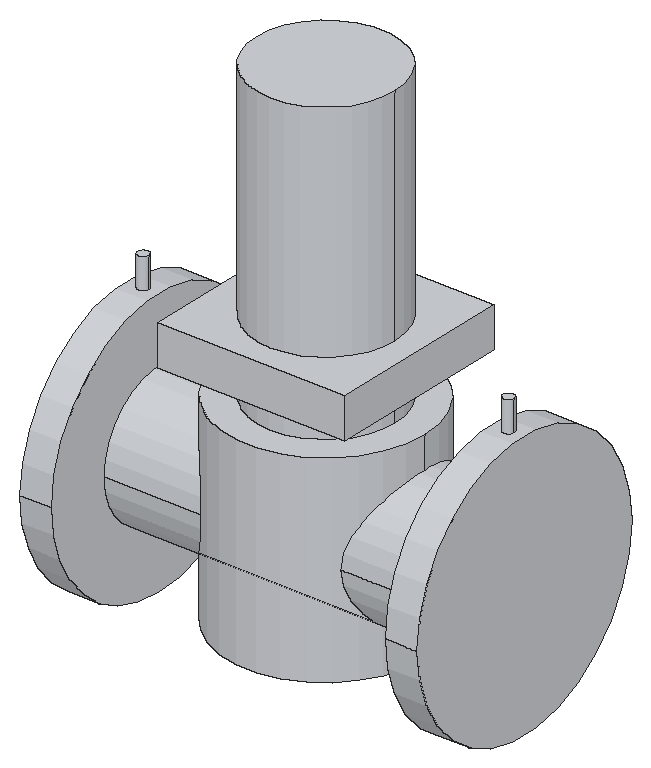
Revit family "PV_Compact_PN25_DN125_(90-350kPa)_RFA_2019", category Pipe Accessories, Revit 2019
Family settings
  Round Connector Dimension = Use Diameter
  Part Type = Valve - Breaks Into
  Work Plane-Based = No
  Always vertical = Yes
  Cut with Voids When Loaded = No
  Shared = No
Parameters (values of type "PV Compact PN25 DN125 (90-350kPa)")
  magiProductId = "828af78972b74e11b5ab1c4abc9b81"
  magiProductFamilyId = "9e0837c0ac1a48c1a74a343bd519c1"
  magiPartTypeId = 304
  isMeasuringValve [instance] = no
  ang2D [instance] = 0.00°
  W2D = 125 mm
  VersionID = "2.0/2018.12.13.2/FRESE_PV_COMPACT_BIG_Q13_001"
  Use Minimum Symbol Size [instance] = no
  URL = "www.hydronic.cz"
  Type Comments = "PŘÍRUBOVÝ; PN25; dpmax=1000kPa; -10~+120°C"
  R4 = 70 mm
  R3 = 70.2 mm
  R1 = 100 mm
  QmdConnectorList = "301;D;302;D"
  Productdata [instance] = ""
  Manufacturer = "Hydronic Systems Prague s.r.o."
  Maintenance Zone Under Depth [instance] = 100 mm
  Maintenance Zone Right Depth [instance] = 100 mm
  Maintenance Zone Over Depth [instance] = 100 mm
  Maintenance Zone Left Depth [instance] = 100 mm
  Maintenance Zone Front Depth [instance] = 100 mm
  Maintenance Zone Back Depth [instance] = 100 mm
  Maintenance Zone Front Visibility [instance] = no
  MC Use Limits From Balancing Method = no
  MC Throttling Minimum Value = 0
  MC Throttling Maximum Value = 0
  MC Product Code = "53-3333 DN125 PN25; nastavitelný rozsah dp=20~100kPa; Q=40,3~161 m3/h;  kvs=170"
  MC Pressure Drop Minimum Value = 0.0 Pa
  MC Pressure Drop Maximum Value = 0.0 Pa
  MC Piping Given Pressure Drop [instance] = 0.0 Pa
  LF__ve = -LF  # -32 mm
  LF2 = 16 mm
  LF = 32 mm
  L4 = 188 mm
  L3 = 336 mm
  L2D_Min = 30.48 mm
  L2D = 400 mm
  L2 = 200 mm
  H6 = 225.5 mm
  H4 = 40.5 mm
  H3 = 33.75 mm
  H2 = 101.25 mm
  H1 = 202.5 mm
  Description = "Nastavitelný regulátor diferenčního tlaku"
  DF2 = 135 mm
  D = 125 mm
  Clearance Zone Height Depth [instance] = 100 mm
  Clearance Zone Circular Radius [instance] = 200 mm
  Clearance Zone Visibility [instance] = no
  CAT0 = yes
Types (3, lengths in mm): name | magiProductId | Type Comments | R4 | R3 | R1 | MC Product Code | LF__ve | LF2 | LF | L4 | L3 | L2 | H6 | H4 | H3 | H2 | H1 | DF2 | D | Clearance Zone Circular Radius
  PV Compact PN25 DN125 (90-350kPa) | "828af78972b74e11b5ab1c4abc9b81" | "PŘÍRUBOVÝ; PN25; dpmax=1000kPa; -10~+120°C" | 70 | 70.2 | 100 | "53-3333 DN125 PN25; nastavitelný rozsah dp=20~100kPa; Q=40,3~161 m3/h;  kvs=170" | -32 | 16 | 32 | 188 | 336 | 200 | 225.5 | 40.5 | 33.75 | 101.25 | 202.5 | 135 | 125 | 200
  PV Compact PN25 DN150 (90-350kPa) | "3c848b5675884766961bbc36692fc4" | "PŘÍRUBOVÝ; PN25; dpmax=1000kPa; -10~+110°C" | 84 | 74.1 | 120 | "53-3336 DN150 PN25; nastavitelný rozsah dp=20~100kPa; Q=59,3~123 m3/h;  kvs=250" | -38.4 | 19.2 | 38.4 | 225.6 | 403.2 | 240 | 256.25 | 42.75 | 35.625 | 106.875 | 213.75 | 142.5 | 150 | 240
  PV Compact PN25 DN200 (90-350kPa) | "91c75d4260f940c99372a7e9d4703c" | "PŘÍRUBOVÝ; PN25; dpmax=1000kPa; -10~+110°C" | 105 | 98.8 | 150 | "53-3339 DN200 PN25; nastavitelný rozsah dp=20~100kPa; Q=65,2~261 m3/h;  kvs=275" | -48 | 24 | 48 | 282 | 504 | 300 | 150 | 57 | 47.5 | 142.5 | 285 | 190 | 200 | 300
Reference planes
  plane 1 "Center (Front/Back)": y = 0
  plane 2 "XYPLANE": z = 0
  plane 3 "Center (Left/Right)": x = 0
  plane 4 "257": y = -135
  plane 5 "256": y = 135
  plane 6 "255": z = -135
  plane 7 "254": y = -235
  plane 8 "253": y = 235
  plane 9 "252": x = -300
  plane 10 "251": x = 300
  plane 11 "250": z = 501
  plane 12 "249": z = -235
  plane 13 "248": z = 501
  plane 14 "247": z = 401
  plane 15 "157": x = 184
  plane 16 "156": x = -184
  plane 17 "155": z = 135
  plane 18 "154": z = 175.5
  plane 19 "153": z = 135
  plane 20 "152": z = 101.25
  plane 21 "151": x = -168
  plane 22 "150": z = -101.25
  plane 23 "149": x = 0
  plane 24 "148": y = 0
  plane 25 "147": z = 0
  plane 26 "146": x = -200
  plane 27 "145": x = 200
Forms (mm)
  Blend 1, solid, visible <- "Maintenance Zone Front Visibility"
    base sketch origin (-750, 0, -235) x (1, 0, 0) y (0, 1, 0)
      loop
        line (450, 235) -> (450, -235) -> (1050, -235) -> (1050, 235) -> (450, 235)
    top sketch origin (-750, 0, -235) x (1, 0, 0) y (0, 1, 0)
      loop
        line (450, 235) -> (450, -235) -> (1050, -235) -> (1050, 235) -> (450, 235)
    from 0 to 736
  Blend 2, solid, visible <- "Clearance Zone Visibility"
    base sketch origin (-750, 0, 0) x (1, 0, 0) y (0, 1, 0)
      loop
        circle (750, 0) r 200
    top sketch origin (-750, 0, 0) x (1, 0, 0) y (0, 1, 0)
      loop
        circle (750, 0) r 200
    from 0 to 501
  Extrusion 3, solid, visible <- "CAT0"
    sketch origin (-750, 0, 135) x (1, 0, 0) y (0, 1, 0)
      loop
        circle (934, 0) r 5.5
    from 0 to 30
  Extrusion 4, solid, visible <- "CAT0"
    sketch origin (-750, 0, 135) x (1, 0, 0) y (0, 1, 0)
      loop
        circle (566, 0) r 5.5
    from 0 to 30
  Extrusion 5, solid
    sketch origin (-750, 0, 175.5) x (1, 0, 0) y (0, 1, 0)
      loop
        circle (750, 0) r 70
    from 0 to 225.5 <- "H6"
  Extrusion 6, solid, visible <- "CAT0"
    sketch origin (-750, 0, 135) x (1, 0, 0) y (0, 1, 0)
      loop
        line (844, 94) -> (656, 94) -> (656, -94) -> (844, -94) -> (844, 94)
    from 0 to 40.5 <- "H4"
  Extrusion 7, solid, visible <- "CAT0"
    sketch origin (-750, 0, 101.25) x (1, 0, 0) y (0, 1, 0)
      loop
        circle (750, 0) r 70
    from 0 to 33.75 <- "H3"
  Extrusion 8, solid, visible <- "CAT0"
    sketch origin (-168, -750, 0) x (0, 1, 0) y (0, 0, 1)
      loop
        circle (750, 0) r 70.2
    from 0 to 336 <- "L3"
  Extrusion 9, solid, visible <- "CAT0"
    sketch origin (-750, 0, -101.25) x (1, 0, 0) y (0, 1, 0)
      loop
        circle (750, 0) r 100
    from 0 to 202.5 <- "H1"
  Extrusion 10, solid, visible <- "CAT0"
    sketch origin (-200, -750, 0) x (0, 1, 0) y (0, 0, 1)
      loop
        circle (750, 0) r 135
    from 0 to 32 <- "LF"
  Extrusion 11, solid, visible <- "CAT0"
    sketch origin (200, -750, 0) x (0, 1, 0) y (0, 0, 1)
      loop
        circle (750, 0) r 135
    from 0 to -32 <- "LF__ve"
  Extrusion 12, solid, not visible
    sketch origin (-200, -750, 0) x (0, 1, 0) y (0, 0, 1)
      loop
        circle (750, 0) r 10
    from 0 to 10
  Extrusion 13, solid, not visible
    sketch origin (200, -750, 0) x (0, 1, 0) y (0, 0, 1)
      loop
        circle (750, 0) r 10
    from 0 to -10
Lines and regions (mm)
  reference lines, not visible
    curve 1: circle (2, 2, 0) r 1 normal (0, 0, 1)
  reference lines
    curve 2: circle (0, 0, 135) r 1 normal (0, 0, 1)
Dimensions and locks
  plane 1 "Center (Front/Back)" to curve 1 = 2 mm
  "DF2": plane 24 "148" to plane 4 "257"
  "DF2": plane 24 "148" to plane 5 "256"
  "DF2": plane 25 "147" to plane 6 "255"
  "Maintenance Zone Front Depth": plane 4 "257" to plane 7 "254"
  "Maintenance Zone Back Depth": plane 5 "256" to plane 8 "253"
  "Maintenance Zone Left Depth": plane 26 "146" to plane 9 "252"
  "Maintenance Zone Right Depth": plane 27 "145" to plane 10 "251"
  "Maintenance Zone Over Depth": plane 14 "247" to plane 11 "250"
  "Maintenance Zone Under Depth": plane 6 "255" to plane 12 "249"
  "Clearance Zone Height Depth": plane 14 "247" to plane 13 "248"
  "H6": plane 18 "154" to plane 14 "247"
  "LF2": plane 27 "145" to plane 15 "157"
  "LF2": plane 26 "146" to plane 16 "156"
  "DF2": plane 2 "XYPLANE" to plane 17 "155"
  "H4": plane 19 "153" to plane 18 "154"
  "H3": plane 20 "152" to plane 19 "153"
  "H1": plane 22 "150" to plane 20 "152"
  "LF": plane 26 "146" to plane 21 "151"
  "H2": plane 2 "XYPLANE" to plane 22 "150"
  locked: plane 3 "Center (Left/Right)" to plane 23 "149"
  locked: plane 1 "Center (Front/Back)" to plane 24 "148"
  locked: plane 2 "XYPLANE" to plane 25 "147"
  "L2": plane 3 "Center (Left/Right)" to plane 26 "146"
  "L2": plane 3 "Center (Left/Right)" to plane 27 "145"
  Blend 1 sketch curve to Blend 1 sketch curve = 0 mm  (x16)
  equal spacing: Extrusion 6 sketch curve, curve 2, Extrusion 6 sketch curve  (x2)
  "L4": Extrusion 6 sketch curve to Extrusion 6 sketch curve  (x2)
  Extrusion 6 sketch curve to Extrusion 6 sketch curve = 0 mm  (x8)
  "Clearance Zone Circular Radius": radius of Blend 2 sketch curve  (x2)
  "R4": radius of Extrusion 5 sketch curve
  "R4": radius of Extrusion 7 sketch curve
  "R3": radius of Extrusion 8 sketch curve
  "R1": radius of Extrusion 9 sketch curve
  "DF2": radius of Extrusion 10 sketch curve
  "DF2": radius of Extrusion 11 sketch curve
  aligned and locked: level to plane 2 "XYPLANE"
  aligned and locked: Blend 1 sketch curve to plane 8 "253"  (x2)
  aligned and locked: plane 9 "252" to Blend 1 sketch curve  (x4)
  aligned and locked: plane 10 "251" to Blend 1 sketch curve  (x4)
  aligned and locked: plane 8 "253" to Blend 1 sketch curve  (x2)
  aligned and locked: plane 7 "254" to Blend 1 sketch curve  (x4)
  aligned and locked: plane 11 "250" to Blend 1
  aligned and locked: plane 23 "149" to Blend 2 sketch curve  (x2)
  aligned and locked: plane 24 "148" to Blend 2 sketch curve  (x2)
  aligned and locked: plane 13 "248" to Blend 2
  aligned and locked: plane 15 "157" to Extrusion 3 sketch curve
  aligned and locked: plane 24 "148" to Extrusion 3 sketch curve
  aligned and locked: plane 16 "156" to Extrusion 4 sketch curve
  aligned and locked: plane 24 "148" to Extrusion 4 sketch curve
  aligned and locked: plane 23 "149" to Extrusion 5 sketch curve
  aligned and locked: plane 24 "148" to Extrusion 5 sketch curve
  aligned and locked: plane 23 "149" to curve 2
  aligned and locked: plane 24 "148" to curve 2
  aligned and locked: plane 23 "149" to Extrusion 7 sketch curve
  aligned and locked: plane 24 "148" to Extrusion 7 sketch curve
  aligned and locked: Extrusion 8 sketch curve to plane 24 "148"
  aligned and locked: plane 25 "147" to Extrusion 8 sketch curve
  aligned and locked: plane 23 "149" to Extrusion 9 sketch curve
  aligned and locked: plane 24 "148" to Extrusion 9 sketch curve
  aligned and locked: Extrusion 10 sketch curve to plane 24 "148"
  aligned and locked: plane 25 "147" to Extrusion 10 sketch curve
  aligned and locked: Extrusion 11 sketch curve to plane 24 "148"
  aligned and locked: plane 25 "147" to Extrusion 11 sketch curve
  aligned and locked: Extrusion 12 sketch curve to plane 24 "148"
  aligned and locked: plane 25 "147" to Extrusion 12 sketch curve
  aligned and locked: Extrusion 13 sketch curve to plane 24 "148"
  aligned and locked: plane 25 "147" to Extrusion 13 sketch curve
Automatic sketch dimensions
  Extrusion 3 sketch curve to Extrusion 3 sketch curve = 5.5 mm
  Extrusion 4 sketch curve to Extrusion 4 sketch curve = 5.5 mm
  plane 1 "Center (Front/Back)" to Extrusion 12 sketch curve = 10 mm
  plane 1 "Center (Front/Back)" to Extrusion 13 sketch curve = 10 mm
  plane 3 "Center (Left/Right)" to curve 1 = 2 mm
  plane 21 "151" to Extrusion 6 sketch curve = 74 mm
  plane 4 "257" to Extrusion 6 sketch curve = 41 mm
  radius of curve 2 = 1 mm
  radius of curve 1 = 1 mm
Connectors
  piping at (-200, 0, 0), diameter 125, driven by "D"
    settings: on Extrusion 12, index 1, connector inside diameter 609.6 mm, connector length 0 mm, flow factor 0, pipe flow 0.0 L/s, pressure drop 0.0 Pa, fitting loss kfactor 0, connector angle 0.00°, fixture units 0, engagement length 0 mm, angle of deflection 0.00°, flow configuration 0, flow direction 0, fitting loss method 0, system type 29, joint type 0, gender type 0, connector reference index 2, connector utility 0, adjustable connector no, is connector primary yes, connector description ""
  piping at (200, 0, 0), diameter 125, driven by "D"
    settings: on Extrusion 13, index 2, connector inside diameter 609.6 mm, connector length 0 mm, flow factor 0, pipe flow 0.0 L/s, pressure drop 0.0 Pa, fitting loss kfactor 0, connector angle 0.00°, fixture units 0, engagement length 0 mm, angle of deflection 0.00°, flow configuration 0, flow direction 0, fitting loss method 0, system type 29, joint type 0, gender type 0, connector reference index 1, connector utility 0, adjustable connector no, is connector primary no, connector description ""
